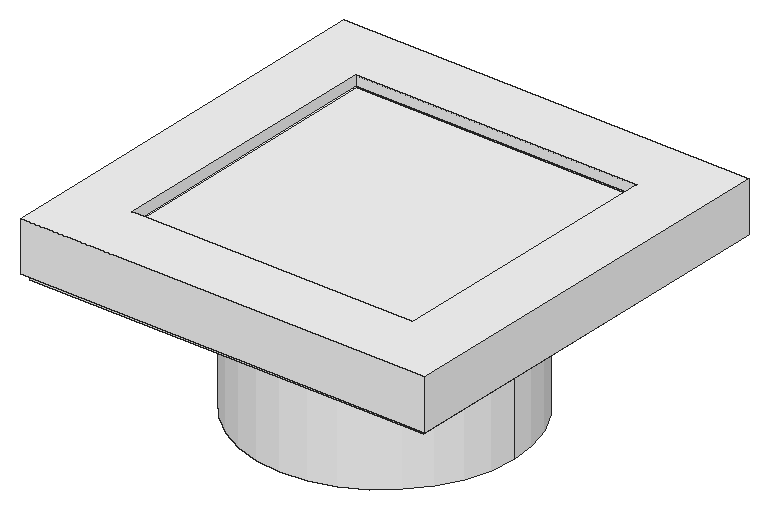
Revit family "Gira_014001", category Electrical Fixtures, host Face, Revit 2017
Family settings
  Host = Face
  Maintain Annotation Orientation = Yes
  Round Connector Dimension = Use Diameter
  Part Type = Normal
  Cut with Voids When Loaded = No
  Shared = No
  Room Calculation Point = No
Parameters (values of type "Hotel-Card-Taster Wechsler (bel.) BSF System 55 Cremeweiß")
  Zusammenstellung = "Basiselement mit zentraler Abdeckplatte"
  White [instance] = White
  Werkstoffgüte = "sonstige"
  Werkstoff = "sonstige"
  URL = "http://katalog.gira.de/de_DE/datenblatt.html?artikelnr=014001"
  Transparent = "No"
  Textfeld/Beschriftungsfläche = "Yes"
  Rückmeldekontakt = "No"
  Region = "DE"
  RAL-Nummer (ähnlich) = "1013 "
  Oberfläche = "sonstige"
  Nennspannung = "250 Volt"
  Name = "Hotel-Card-Taster Wechsler (bel.) BSF System 55 Cremeweiß"
  Montageart = "unter Putz"
  Model = "Sys55_Komplettgerät_Schalten und Tasten"
  Mit Beleuchtung = "No"
  Manufacturer URL = "https://www.gira.de/"
  Kontakte = "1 Wechsler"
  HeinzeBIM = "https://bimportal.heinze.de/bim/hotel-card-taster-wechsler-bel-bsf-system-55-cremeweiss/9eb48d66418093cc790e6075cf91cc0a0d39ca1c"
  Halogenfrei = "Yes"
  HAN = "014001"
  Geeignet für Schutzart (IP) = "IP20"
  GTIN = "4010337140016"
  Farbe = "cremeweiß (elektroweiß)"
  Default Elevation = 1219.2 mm
  Data sheet (1) = "https://katalog.gira.de/de_DE/download.html?artikelnr=014001"
  Category = "Taster"
  Bemessungsstrom = "10 Ampere"
  Befestigungsart = "Krallen-/Schraubbefestigung"
  Bedienungsart = "Hotelcard"
  Available = "Yes"
  Ausführung der Oberfläche = "glänzend"
  Ausführung = "Einzeltaster"
  Aufdruck = "ohne"
  Anzahl der Betätigungswippen = "1 "
Reference planes
  plane 1 "Center (Front/Back)": y = 0
  plane 2: z = 0
  plane 3 "Center (Left/Right)": x = 0
Forms (mm)
  Extrusion 1, solid, material "White" <- "White", detail levels medium
    sketch origin (0, 0, 0) x (1, 0, 0) y (0, 1, 0)
      loop
        line (-40.4, 40.4) -> (-40.4, -40.4) -> (40.4, -40.4) -> (40.4, 40.4) -> (-40.4, 40.4)
      loop
        line (-28, 28) -> (-28, -28) -> (28, -28) -> (28, 28) -> (-28, 28)
    from 0 to 10
  Extrusion 2, solid, material "White" <- "White", detail levels fine
    sketch origin (0, 0, 0) x (1, 0, 0) y (0, 1, 0)
      loop
        line (-40.4, 40.4) -> (-40.4, -40.4) -> (40.4, -40.4) -> (40.4, 40.4) -> (-40.4, 40.4)
      loop
        line (-28, 28) -> (-28, -28) -> (28, -28) -> (28, 28) -> (-28, 28)
    from 0 to 10
  Extrusion 3, void
    sketch origin (0, 0, 0) x (1, 0, 0) y (0, 1, 0)
      loop
        line (-38.4, 38.4) -> (-38.4, -38.4) -> (38.4, -38.4) -> (38.4, 38.4) -> (-38.4, 38.4)
    from 0 to 8
  Extrusion 4, solid, material "White" <- "White", detail levels medium+fine
    sketch origin (0, 0, 0) x (1, 0, 0) y (0, 1, 0)
      loop
        line (-39.4, 39.4) -> (-39.4, -39.4) -> (39.4, -39.4) -> (39.4, 39.4) -> (-39.4, 39.4)
    from 0 to -1
  Extrusion 5, solid, material "White" <- "White", detail levels medium+fine
    sketch origin (0, 0, 0) x (1, 0, 0) y (0, 1, 0)
      loop
        line (-35.5, 35.5) -> (-35.5, -35.5) -> (35.5, -35.5) -> (35.5, 35.5) -> (-35.5, 35.5)
    from -2 to -3
  Extrusion 6, solid, material "White" <- "White", detail levels medium+fine
    sketch origin (0, 0, 0) x (1, 0, 0) y (0, 1, 0)
      loop
        circle (0, 0) r 26
    from 0 to -27.5
  Extrusion 7, solid, material "White" <- "White", detail levels coarse
    sketch origin (0, 0, 0) x (1, 0, 0) y (0, 1, 0)
      loop
        line (-40.4, 40.4) -> (-40.4, -40.4) -> (40.4, -40.4) -> (40.4, 40.4) -> (-40.4, 40.4)
    from -27.5 to 10
Cuts and joins
  Extrusion 3 cuts Extrusion 2
Dimensions and locks
  aligned and locked: plane 2 to host face
  aligned and locked: level to host face
  aligned and locked: plane 3 "Center (Left/Right)" to nested 2
  aligned and locked: plane 1 "Center (Front/Back)" to nested 2
Nested families
  nested 1: "Sys55_Abdeckung_Schalten und Tasten_floor_base" at (0, 0, 0), type "Sys55_Abdeckung_Schalten und Tasten_floor_base"
  nested 2: "Schalter" at (0, 0, 0), type "Schalter"
Connectors
  electrical at (0, 0, -27.5)
    settings: on Extrusion 6, index 1, voltage 220 V, apparent load 0 VA, apparent load phase1 0 VA, apparent load phase2 0 VA, apparent load phase3 0 VA, power factor 1, load classification "Other", number of poles 1, system type 30, power factor state 1, is connector primary yes, connector utility no, sub classification motor no, connector description ""
Definition of nested family "Sys55_Abdeckung_Schalten und Tasten_floor_base"
  Parameters
    Default Elevation = 1219.2 mm
    White [instance] = none
  Reference planes
    plane 1 "Center (Front/Back)": y = 0
    plane 2: z = 0
    plane 3 "Center (Left/Right)": x = 0
  Forms (mm)
    Extrusion 1, solid
      sketch origin (0, 0, 0) x (1, 0, 0) y (0, 1, 0)
        loop
          line (-1219.2, 1219.2) -> (-1219.2, -1219.2) -> (1219.2, -1219.2) -> (1219.2, 1219.2) -> (-1219.2, 1219.2)
      from 0 to -304.8
    Extrusion 2, solid, material <- "White", detail levels fine
      sketch origin (0, 0, 0) x (1, 0, 0) y (0, 1, 0)
        loop
          line (-27.5, 27.5) -> (-27.5, -27.5) -> (27.5, -27.5) -> (27.5, 27.5) -> (-27.5, 27.5)
      from 0 to 8
    Extrusion 3, void
      sketch origin (0, 0, 0) x (1, 0, 0) y (0, 1, 0)
        loop
          line (26, 26) -> (-26, 26) -> (-26, -26) -> (26, -26) -> (26, 26)
      from 0 to 6
    Extrusion 4, solid, material <- "White", detail levels medium
      sketch origin (0, 0, 0) x (1, 0, 0) y (0, 1, 0)
        loop
          line (-27.5, 27.5) -> (-27.5, -27.5) -> (27.5, -27.5) -> (27.5, 27.5) -> (-27.5, 27.5)
      from 0 to 8
    Extrusion 5, solid, material <- "White", detail levels medium
      sketch origin (0, 0, 0) x (1, 0, 0) y (0, 1, 0)
        loop
          line (11, -17.5) -> (11, 17.5) -> (-11, 17.5) -> (-11, -17.5) -> (11, -17.5)
      from -6 to 6
    Extrusion 6, solid, material <- "White", detail levels fine
      sketch origin (0, 0, 0) x (1, 0, 0) y (0, 1, 0)
        loop
          line (11, 17.5) -> (-11, 17.5) -> (-11, 16.5) -> (11, 16.5) -> (11, 17.5)
        loop
          line (-11, -16.5) -> (-11, -17.5) -> (11, -17.5) -> (11, -16.5) -> (-11, -16.5)
      from -4 to 6
    Extrusion 7, solid, material <- "White", detail levels fine
      sketch origin (0, 0, 0) x (1, 0, 0) y (0, 1, 0)
        loop
          arc (5, 9.347) -> (0, 10.6) -> (-5, 9.347) r 10.6
          line (-5, 9.347) -> (-5, -9.347)
          arc (-5, -9.347) -> (0, -10.6) -> (5, -9.347) r 10.6
          line (5, -9.347) -> (5, 9.347)
      from -6 to 6
    Extrusion 8, solid, material <- "White", detail levels coarse
      sketch origin (0, 0, 0) x (1, 0, 0) y (0, 1, 0)
        loop
          line (-27.5, 27.5) -> (-27.5, -27.5) -> (27.5, -27.5) -> (27.5, 27.5) -> (-27.5, 27.5)
      from -6 to 8
  Cuts and joins
    Extrusion 3 cuts Extrusion 2
  Dimensions and locks
    aligned and locked: plane 2 to Extrusion 1
    aligned and locked: level to Extrusion 1
Definition of nested family "Schalter"
  Reference planes
    plane 1: y = 0
    plane 2: x = 0
  Lines and regions (mm)
    detail lines
      curve 1: circle (1.375, 2.778, 0) r 0.8 normal (0, 0, 1)
      curve 2: line (1.021, 2.061, 0) -> (0, 0, 0)
      curve 3: line (0, 0, 0) -> (-0.538, 0.266, 0)
  Dimensions and locks
    curve 2 to curve 2 = 2.3 mm
    curve 3 to curve 2 = 0.6 mm
    radius of curve 1 = 0.8 mm
